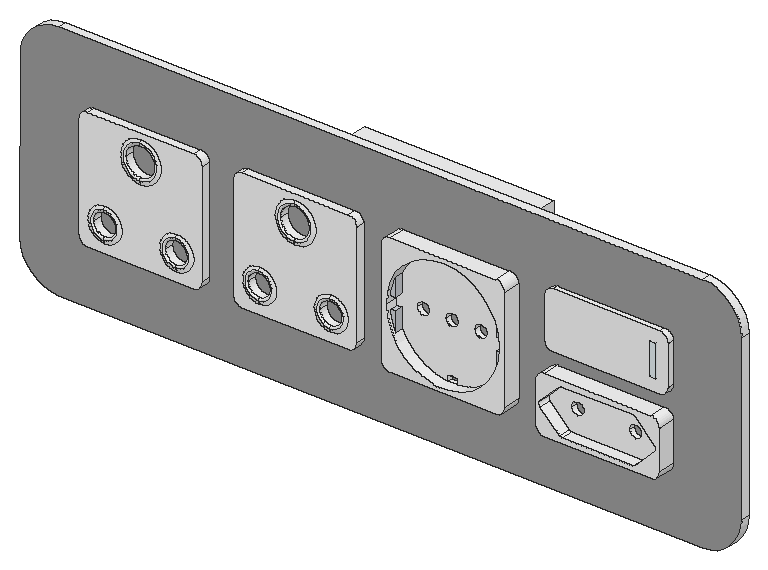
Revit family "EF_Vet- Omni-3", category Electrical Fixtures, Revit 2016
Family settings
  Maintain Annotation Orientation = No
  Part Type = Normal
  Round Connector Dimension = Use Diameter
  Work Plane-Based = No
  Always vertical = Yes
  Cut with Voids When Loaded = No
  Shared = No
  Room Calculation Point = No
Parameters (values of type "Omni 3")
  Voltage_x = 220 V
  URL for TCP = "http://www.tcpbim.co.za"
  URL = "http://www.major-tech.com/15-veti"
  Type Comments = "Plug Points"
  Switch Voltage = Voltage_x  # 220 V
  Omni 3 Height [instance] = 1200 mm
  Materials [instance] = 0 mm
  Manufacturer = "VETI"
  Made by = "Tolani Civil Projects cc"
  Load = 2860 VA
  Description = "Omni 3"
  Amperage = 16 A
Reference planes
  plane 1 "Center (Front/Back)": y = 0
  plane 2: z = 0
  plane 3 "Center (Left/Right)": x = 0
Forms (mm)
  Extrusion 1, solid, material "Plastic White"
    sketch origin (-181.105, 75, 0) x (1, 0, 0) y (0, 0, 1)
      loop
        arc (-6.395, 1340) -> (-22.305, 1333.41) -> (-28.895, 1317.5) r 22.5
        line (-28.895, 1317.5) -> (-28.895, 1222.5)
        arc (-28.895, 1222.5) -> (-22.305, 1206.59) -> (-6.395, 1200) r 22.5
        line (-6.395, 1200) -> (368.605, 1200)
        arc (368.605, 1200) -> (384.515, 1206.59) -> (391.105, 1222.5) r 22.5
        line (391.105, 1222.5) -> (391.105, 1317.5)
        arc (391.105, 1317.5) -> (384.515, 1333.41) -> (368.605, 1340) r 22.5
        line (368.605, 1340) -> (-6.395, 1340)
    from 75 to 80
  Extrusion 2, solid, material "Plastic White"
    sketch origin (-268.605, 0, 0) x (-1, 0, 0) y (0, 0, 1)
      loop
        line (-214.439, 1310) -> (-324.439, 1310) -> (-324.439, 1300) -> (-214.439, 1300) -> (-214.439, 1310)
    from 0 to 51.204
Cuts and joins
  joined: Extrusion 1, Extrusion 2
Dimensions and locks
  Extrusion 2 sketch curve to Extrusion 2 sketch curve to Extrusion 1 = 10 mm, 30 mm
  Extrusion 2 sketch curve to Extrusion 2 sketch curve = 110 mm
  cut or joined group of Extrusion 1, Extrusion 2 to cut or joined group of Extrusion 1, Extrusion 2 to cut or joined group of Extrusion 1, Extrusion 2 = 51.204 mm locked, 5 mm locked
  cut or joined group of Extrusion 1, Extrusion 2 to cut or joined group of Extrusion 1, Extrusion 2 = 110 mm
  locked: cut or joined group of Extrusion 1, Extrusion 2 to plane 1 "Center (Front/Back)"
  locked: cut or joined group of Extrusion 1, Extrusion 2 to plane 3 "Center (Left/Right)" at 55.833
  Extrusion 1 sketch curve to plane 3 "Center (Left/Right)" to Extrusion 1 sketch curve = 210 mm, 210 mm
  locked: cut or joined group of Extrusion 1, Extrusion 2 to cut or joined group of Extrusion 1, Extrusion 2 at 140
  cut or joined group of Extrusion 1, Extrusion 2 to cut or joined group of Extrusion 1, Extrusion 2 = 140 mm
  cut or joined group of Extrusion 1, Extrusion 2 to nested 3 to nested 5 to nested 4 to nested 6 to nested 2 to cut or joined group of Extrusion 1, Extrusion 2 = 35.051 mm locked, 5.044 mm locked, 0.442 mm locked, 33.824 mm locked, 30.82 mm locked, 34.818 mm locked
  nested 6 to nested 5 to nested 4 to plane 3 "Center (Left/Right)" to nested 3 to nested 2 = 71.975 mm locked, 89.879 mm locked, 8.397 mm locked, 9.991 mm locked, 89.996 mm locked
  "Omni 3 Height": cut or joined group of Extrusion 1, Extrusion 2 to level
  cut or joined group of Extrusion 1, Extrusion 2 to nested 4 to cut or joined group of Extrusion 1, Extrusion 2 = 105.182 mm locked, 34.818 mm locked
  aligned and locked: level to plane 2
  aligned and locked: nested 1 to plane 1 "Center (Front/Back)"
  aligned and locked: cut or joined group of Extrusion 1, Extrusion 2 to nested 2
  aligned and locked: cut or joined group of Extrusion 1, Extrusion 2 to nested 3
  aligned and locked: cut or joined group of Extrusion 1, Extrusion 2 to nested 4
  aligned and locked: cut or joined group of Extrusion 1, Extrusion 2 to nested 5
  aligned and locked: cut or joined group of Extrusion 1, Extrusion 2 to nested 6
Automatic sketch dimensions
  Extrusion 1 sketch curve to plane 3 "Center (Left/Right)" = 187.5 mm
  level to Extrusion 1 sketch curve = 1200 mm
  Extrusion 1 sketch curve to Extrusion 1 sketch curve = 22.5 mm  (x3)
  Extrusion 1 sketch curve to Extrusion 1 sketch curve = 95 mm
  Extrusion 2 sketch curve to Extrusion 1 = 154.167 mm
  Extrusion 2 sketch curve to Extrusion 2 sketch curve = 110 mm
Nested families
  nested 1: "Power Point Test 1" at (0, 0, 0) x (-1, 0, 0) z (0, 0, 1), type "Receptacle Symbol"
  nested 2: "Plug Plate" at (-135.854, -5, 189.489), type "Plug Plate"
  nested 3: "Plug Plate" at (-45.858, -5, 189.489), type "Plug Plate"
  nested 4: "Continental Plug" at (44.263, -5, 189.489), type "Continental Plug"
  nested 5: "Switch" at (134.263, -5, 154.466), type "Switch"
  nested 6: "2 Pin PLUG" at (134.263, -5, 113.2), type "2 Pin PLUG"
Connectors
  electrical at (0.833, 25.602, 1310), driven by "Voltage_x", driven by "Load"
    settings: on cut or joined group of Extrusion 1, Extrusion 2, index 4, voltage 220 V, apparent load 0 VA, apparent load phase1 2860 VA, apparent load phase2 0 VA, apparent load phase3 0 VA, power factor 1, load classification "Other", number of poles 1, system type 31, power factor state 1, is connector primary yes, connector utility no, sub classification motor no, connector description ""
  electrical at (0.833, 25.602, 1310), driven by "Voltage_x", driven by "Load"
    settings: on cut or joined group of Extrusion 1, Extrusion 2, index 5, voltage 220 V, apparent load 0 VA, apparent load phase1 2860 VA, apparent load phase2 0 VA, apparent load phase3 0 VA, power factor 1, load classification "Other", number of poles 1, system type 31, power factor state 1, is connector primary no, connector utility no, sub classification motor no, connector description ""
  electrical at (0.833, 25.602, 1310), driven by "Voltage_x", driven by "Load"
    settings: on cut or joined group of Extrusion 1, Extrusion 2, index 6, voltage 220 V, apparent load 0 VA, apparent load phase1 2860 VA, apparent load phase2 0 VA, apparent load phase3 0 VA, power factor 1, load classification "Other", number of poles 1, system type 31, power factor state 1, is connector primary no, connector utility no, sub classification motor no, connector description ""
  electrical at (0.833, 25.602, 1310), driven by "Voltage_x", driven by "Load"
    settings: on cut or joined group of Extrusion 1, Extrusion 2, index 7, voltage 220 V, apparent load 0 VA, apparent load phase1 2860 VA, apparent load phase2 0 VA, apparent load phase3 0 VA, power factor 1, load classification "Other", number of poles 1, system type 31, power factor state 1, is connector primary no, connector utility no, sub classification motor no, connector description ""
Definition of nested family "Plug Plate"
  Reference planes
    plane 1 "Center (Front/Back)": y = 0
    plane 2: z = 0
    plane 3 "Center (Left/Right)": x = 0
    plane 4: x = 0
    plane 5: z = 1100.459
    plane 6: x = 20.867
    plane 7: x = -20.897
    plane 8: z = 1060.329
    plane 9: x = -35.867
    plane 10: x = 35.867
    plane 11 "Left": x = -20.897
    plane 12 "Right": x = 20.867
    plane 13: z = 1060.329
    plane 14: z = 1100.459
  Forms (mm)
    Extrusion 1, solid
      sketch origin (38.868, 0, -0.675) x (1, 0, 0) y (0, 0, 1)
        loop
          arc (-69.734, 1116.134) -> (-73.27, 1114.67) -> (-74.734, 1111.134) r 5
          line (-74.734, 1111.134) -> (-74.734, 1051.004)
          arc (-74.734, 1051.004) -> (-73.27, 1047.468) -> (-69.734, 1046.004) r 5
          line (-69.734, 1046.004) -> (-8.001, 1046.004)
          arc (-8.001, 1046.004) -> (-4.465, 1047.468) -> (-3.001, 1051.004) r 5
          line (-3.001, 1051.004) -> (-3.001, 1111.134)
          arc (-3.001, 1111.134) -> (-4.465, 1114.67) -> (-8.001, 1116.134) r 5
          line (-8.001, 1116.134) -> (-69.734, 1116.134)
        loop
          circle (-38.868, 1101.134) r 8.5
        loop
          circle (-59.764, 1061.004) r 6.5
        loop
          circle (-18.001, 1061.004) r 6.5
      from 5 to 0
    Revolve 2, solid
      sketch origin (-20.897, 0, 0) x (0, 0, -1) y (0, -1, 0)
        loop
          line (-1068.072, 5.593) -> (-1070.253, 4.968) -> (-1066.828, 4.968)
          arc (-1066.828, 4.968) -> (-1067.328, 5.524) -> (-1068.072, 5.593) r 1.027
        axis (-1060.329, 5.593) -> (-1060.329, 4.593)
      angle from 0 to 360
    Revolve 3, solid
      sketch origin (20.867, 0, 0) x (0, 0, -1) y (0, -1, 0)
        loop
          line (-1068.072, 5.593) -> (-1070.253, 4.968) -> (-1066.828, 4.968)
          arc (-1066.828, 4.968) -> (-1067.328, 5.524) -> (-1068.072, 5.593) r 1.027
        axis (-1060.329, 5.593) -> (-1060.329, 4.593)
      angle from 0 to 360
    Revolve 4, solid
      sketch origin (0, 0, 40.13) x (0, 0, -1) y (0, -1, 0)
        loop
          line (-1070.06, 5.593) -> (-1072.241, 4.968) -> (-1068.816, 4.968)
          arc (-1068.816, 4.968) -> (-1069.316, 5.524) -> (-1070.06, 5.593) r 1.027
        axis (-1060.329, 5.593) -> (-1060.329, 4.593)
      angle from 0 to 360
  Cuts and joins
    joined: Extrusion 1, Revolve 2, Revolve 3, Revolve 4
  Dimensions and locks
    aligned and locked: plane 2 to level
Definition of nested family "Continental Plug"
  Reference planes
    plane 1 "Center (Front/Back)": y = 0
    plane 2: z = 0
    plane 3 "Center (Left/Right)": x = 0
    plane 4: x = 0
    plane 5: z = 1100.459
    plane 6: x = 20.867
    plane 7: x = -20.897
    plane 8: z = 1060.329
    plane 9: x = -35.867
    plane 10: x = 35.867
    plane 11 "Left": x = -20.897
    plane 12 "Right": x = 20.867
    plane 13: z = 1060.329
    plane 14: z = 1100.459
  Forms (mm)
    Extrusion 1, solid
      sketch origin (38.868, 0, -0.675) x (1, 0, 0) y (0, 0, 1)
        loop
          arc (-69.734, 1116.134) -> (-73.27, 1114.67) -> (-74.734, 1111.134) r 5
          line (-74.734, 1111.134) -> (-74.734, 1051.004)
          arc (-74.734, 1051.004) -> (-73.27, 1047.468) -> (-69.734, 1046.004) r 5
          line (-69.734, 1046.004) -> (-8.001, 1046.004)
          arc (-8.001, 1046.004) -> (-4.465, 1047.468) -> (-3.001, 1051.004) r 5
          line (-3.001, 1051.004) -> (-3.001, 1111.134)
          arc (-3.001, 1111.134) -> (-4.465, 1114.67) -> (-8.001, 1116.134) r 5
          line (-8.001, 1116.134) -> (-69.734, 1116.134)
      from 10 to 0
    Extrusion 2, void
      sketch origin (-1.875, -10, -55.854) x (-1, 0, 0) y (0, 0, 1)
        loop
          circle (-1.875, 1136.248) r 33
      from 0 to 6.946
    Extrusion 3, void
      sketch origin (-1.875, -10, -55.854) x (-1, 0, 0) y (0, 0, 1)
        loop
          circle (15.086, 1136.248) r 3.601
        loop
          circle (-18.593, 1136.248) r 3.601
        loop
          circle (-1.754, 1136.248) r 3.601
      from 6.946 to 10
    Extrusion 4, void
      sketch origin (38.868, -10, -0.675) x (-1, 0, 0) y (0, 0, 1)
        loop
          arc (41.868, 1113.932) -> (38.868, 1114.069) -> (35.868, 1113.932) r 33
          line (35.868, 1113.932) -> (35.868, 1110.648) -> (38.069, 1110.648)
          arc (38.069, 1110.648) -> (38.876, 1109.841) -> (39.682, 1110.648) r 0.807
          line (39.682, 1110.648) -> (41.868, 1110.648) -> (41.868, 1113.932)
        loop
          line (41.868, 1048.206) -> (41.868, 1051.49) -> (39.682, 1051.49)
          arc (39.682, 1051.49) -> (38.876, 1052.297) -> (38.069, 1051.49) r 0.807
          line (38.069, 1051.49) -> (35.868, 1051.49) -> (35.868, 1048.206)
          arc (35.868, 1048.206) -> (38.868, 1048.069) -> (41.868, 1048.206) r 33
      from 6.946 to 10
    Extrusion 5, solid
      sketch origin (38.868, -10, -0.675) x (1, 0, 0) y (0, 0, 1)
        loop
          line (-68.273, 1066.091) -> (-68.273, 1077.468) -> (-71.67, 1077.468)
          arc (-71.67, 1077.468) -> (-70.488, 1071.625) -> (-68.273, 1066.091) r 33
        loop
          line (-68.273, 1084.67) -> (-68.273, 1096.047)
          arc (-68.273, 1096.047) -> (-70.488, 1090.512) -> (-71.67, 1084.67) r 33
          line (-71.67, 1084.67) -> (-68.273, 1084.67)
        loop
          arc (-9.462, 1066.091) -> (-7.248, 1071.625) -> (-6.065, 1077.468) r 33
          line (-6.065, 1077.468) -> (-9.462, 1077.468) -> (-9.462, 1066.091)
        loop
          line (-9.462, 1084.67) -> (-6.065, 1084.67)
          arc (-6.065, 1084.67) -> (-7.248, 1090.512) -> (-9.462, 1096.047) r 33
          line (-9.462, 1096.047) -> (-9.462, 1084.67)
      from -6.946 to -2.011
  Cuts and joins
    Extrusion 2, Extrusion 3, Extrusion 4 cuts Extrusion 1
  Dimensions and locks
    aligned and locked: plane 2 to level
    aligned and locked: Extrusion 3 to Extrusion 2
    aligned and locked: Extrusion 4 to Extrusion 2
    aligned and locked: Extrusion 4 to plane 1 "Center (Front/Back)"
    aligned and locked: cut or joined group of Extrusion 1, Extrusion 2, Extrusion 3, Extrusion 4 to Extrusion 5
Definition of nested family "Switch"
  Reference planes
    plane 1 "Center (Front/Back)": y = 0
    plane 2: z = 0
    plane 3 "Center (Left/Right)": x = 0
  Forms (mm)
    Extrusion 1, solid
      sketch origin (-1.754, 2.672, -0.197) x (1, 0, 0) y (0, 0, 1)
        loop
          arc (-29.234, 1152.636) -> (-32.77, 1151.171) -> (-34.234, 1147.636) r 5
          line (-34.234, 1147.636) -> (-34.234, 1124.86)
          arc (-34.234, 1124.86) -> (-32.77, 1121.324) -> (-29.234, 1119.86) r 5
          line (-29.234, 1119.86) -> (32.741, 1119.86)
          arc (32.741, 1119.86) -> (36.277, 1121.324) -> (37.741, 1124.86) r 5
          line (37.741, 1124.86) -> (37.741, 1147.636)
          arc (37.741, 1147.636) -> (36.277, 1151.171) -> (32.741, 1152.636) r 5
          line (32.741, 1152.636) -> (-29.234, 1152.636)
      from 6.186 to 2.672
    Extrusion 2, solid
      sketch origin (0, 0, 0) x (1, 0, 0) y (0, 0, 1)
        loop
          line (28.988, 1145.439) -> (25.488, 1145.439) -> (25.488, 1126.663) -> (28.988, 1126.663) -> (28.988, 1145.439)
      from 0 to 3.974
  Dimensions and locks
    aligned and locked: plane 2 to level
    aligned and locked: Extrusion 1 to plane 1 "Center (Front/Back)"
Definition of nested family "2 Pin PLUG"
  Reference planes
    plane 1 "Center (Front/Back)": y = 0
    plane 2: z = 0
    plane 3 "Center (Left/Right)": x = 0
  Forms (mm)
    Extrusion 1, solid
      sketch origin (-1.754, 2.672, -0.197) x (1, 0, 0) y (0, 0, 1)
        loop
          arc (-29.234, 1152.636) -> (-32.77, 1151.171) -> (-34.234, 1147.636) r 5
          line (-34.234, 1147.636) -> (-34.234, 1124.86)
          arc (-34.234, 1124.86) -> (-32.77, 1121.324) -> (-29.234, 1119.86) r 5
          line (-29.234, 1119.86) -> (32.741, 1119.86)
          arc (32.741, 1119.86) -> (36.277, 1121.324) -> (37.741, 1124.86) r 5
          line (37.741, 1124.86) -> (37.741, 1147.636)
          arc (37.741, 1147.636) -> (36.277, 1151.171) -> (32.741, 1152.636) r 5
          line (32.741, 1152.636) -> (-29.234, 1152.636)
      from 12.672 to 2.672
    Extrusion 2, void
      sketch origin (-1.754, -10, -0.197) x (-1, 0, 0) y (0, 0, 1)
        loop
          line (18.92, 1149.635) -> (-22.428, 1149.635)
          arc (-22.428, 1149.635) -> (-23.283, 1149.465) -> (-24.008, 1148.981) r 2.235
          line (-24.008, 1148.981) -> (-35.163, 1137.826)
          arc (-35.163, 1137.826) -> (-35.817, 1136.248) -> (-35.163, 1134.669) r 2.232
          line (-35.163, 1134.669) -> (-23.998, 1123.504)
          arc (-23.998, 1123.504) -> (-23.284, 1123.027) -> (-22.442, 1122.86) r 2.2
          line (-22.442, 1122.86) -> (18.935, 1122.86)
          arc (18.935, 1122.86) -> (19.777, 1123.027) -> (20.491, 1123.504) r 2.2
          line (20.491, 1123.504) -> (31.656, 1134.669)
          arc (31.656, 1134.669) -> (32.309, 1136.248) -> (31.656, 1137.826) r 2.232
          line (31.656, 1137.826) -> (20.501, 1148.981)
          arc (20.501, 1148.981) -> (19.776, 1149.465) -> (18.92, 1149.635) r 2.235
      from 0 to 6.946
    Extrusion 3, void
      sketch origin (-1.754, -10, -0.197) x (-1, 0, 0) y (0, 0, 1)
        loop
          circle (15.086, 1136.248) r 3.601
        loop
          circle (-18.593, 1136.248) r 3.601
      from 6.946 to 10
  Cuts and joins
    Extrusion 2, Extrusion 3 cuts Extrusion 1
  Dimensions and locks
    aligned and locked: plane 2 to level
    aligned and locked: Extrusion 1 to plane 1 "Center (Front/Back)"
    aligned and locked: Extrusion 3 to Extrusion 2
    aligned and locked: Extrusion 3 to plane 1 "Center (Front/Back)"
Definition of nested family "Power Point Test 1"
  Parameters
    Plug Point Height = 1200 mm
  Reference planes
    plane 1: y = 0
    plane 2: x = 0
  Lines and regions (mm)
    Filled region 1, type "Filled region 1"
      outline origin (0, 0, 0) x (1, 0, 0) y (0, 1, 0)
        loop
          arc (1.505, 0.736) -> (1.065, 1.797) -> (0.005, 2.236) r 1.5
          line (0.005, 2.236) -> (0.005, 0.736) -> (1.505, 0.736)
    detail lines
      curve 1: line (-0.442, -0.034, 0) -> (-0.442, 0.736, 0)
      curve 2: arc (1.505, 0.736, 0) -> (0.005, 2.236, 0) -> (-1.495, 0.736, 0) r 1.5
      curve 3: line (0.451, -0.034, 0) -> (0.451, 0.736, 0)
      curve 4: line (-1.495, 0.736, 0) -> (1.505, 0.736, 0)
      curve 5: line (0.005, 2.236, 0) -> (0.005, 0.736, 0)
      curve 6: line (-1.056, 1.797, 0) -> (-2.829, 3.57, 0)
      curve 7: line (-2.122, 2.863, 0) -> (-1.419, 3.566, 0)
      curve 8: line (-2.476, 3.217, 0) -> (-1.773, 3.919, 0)
      curve 9: line (-1.768, 2.509, 0) -> (-1.066, 3.212, 0)
      curve 10: line (-2.829, 3.57, 0) -> (-2.126, 4.273, 0)
  Text (mm)
    label "A" at (-0.138, 3.741, 0), shows "Plug Point Height"
    text "4" at (-0.841, 1.93, 0)
  Dimensions and locks
    curve 1 to curve 3 = 0.893 mm
